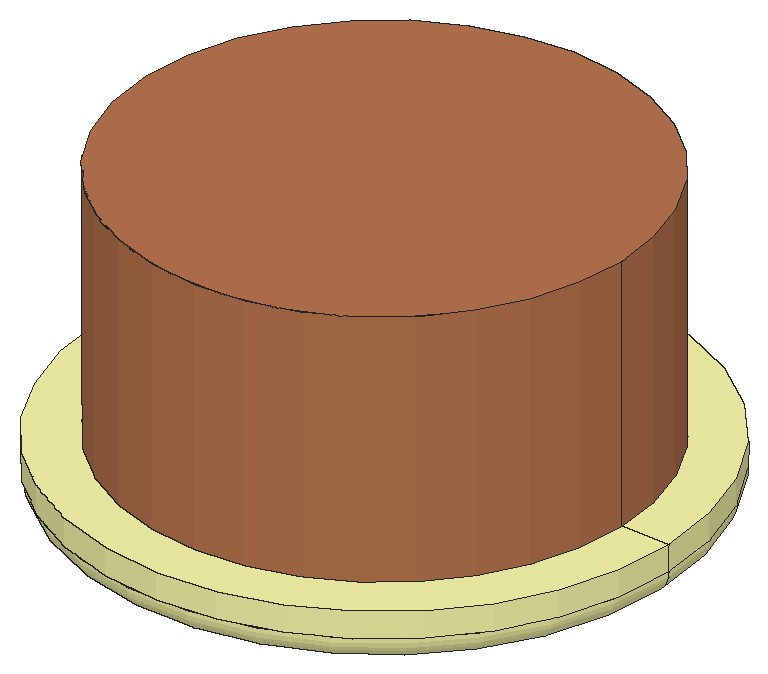
Revit family "EPA_Recessed Ceiling Mounted Voice Evacuation Speaker", category Electrical Fixtures, Revit 2013
Parameters
  Lt = Whitecroft Lighting_Polycarbonate
  Load Classification = Ltg
  Glass = Glass, Green
  Apparent Load = 35 VA
Reference planes
  plane 1 "Light Source Axis (F/B)": y = 0
  plane 2: z = 0
  plane 3 "Light Source Axis (L/R)": x = 0
  plane 4 "Light Source Elevation": z = -25
  plane 5: x = -150
  plane 6: x = -125
  plane 7: z = -13
Forms (mm)
  Revolve 1, solid, material "Face Plate"
    sketch origin (0, 0, 0) x (1, 0, 0) y (0, 0, 1)
      loop
        line (-150, 0) -> (-150, -13)
        arc (-150, -13) -> (-137.5, -25.5) -> (-125, -13) r 12.5
        line (-125, -13) -> (-125, 0) -> (-150, 0)
      axis (0, 0) -> (0, -13)
    angle from 0 to 360
  Extrusion 2, solid, material "Light Body"
    sketch origin (0, 0, -25) x (0, -1, 0) y (1, 0, 0)
      loop
        circle (0, 0) r 125
    from 0 to 150
  Extrusion 3, void
    sketch origin (0, 0, -25) x (0, -1, 0) y (1, 0, 0)
      loop
        circle (0, 0) r 5
    from 0 to 10
  Extrusion 4, void
    sketch origin (20, 0, -25) x (0, -1, 0) y (1, 0, 0)
      loop
        circle (0, 0) r 5
    from 0 to 10
  Extrusion 5, void
    sketch origin (40, 0, -25) x (0, -1, 0) y (1, 0, 0)
      loop
        circle (0, 0) r 5
    from 0 to 10
  Extrusion 6, void
    sketch origin (60, 0, -25) x (0, -1, 0) y (1, 0, 0)
      loop
        circle (0, 0) r 5
    from 0 to 10
  Extrusion 7, void
    sketch origin (80, 0, -25) x (0, -1, 0) y (1, 0, 0)
      loop
        circle (0, 0) r 5
    from 0 to 10
  Extrusion 8, void
    sketch origin (100, 0, -25) x (0, -1, 0) y (1, 0, 0)
      loop
        circle (0, 0) r 5
    from 0 to 10
  Extrusion 9, void
    sketch origin (14.142, 14.142, -25) x (0.707107, -0.707107, 0) y (0.707107, 0.707107, 0)
      loop
        circle (0, 0) r 5
    from 0 to 10
  Extrusion 10, void
    sketch origin (28.284, 28.284, -25) x (0.707107, -0.707107, 0) y (0.707107, 0.707107, 0)
      loop
        circle (0, 0) r 5
    from 0 to 10
  Extrusion 11, void
    sketch origin (42.426, 42.426, -25) x (0.707107, -0.707107, 0) y (0.707107, 0.707107, 0)
      loop
        circle (0, 0) r 5
    from 0 to 10
  Extrusion 12, void
    sketch origin (56.569, 56.569, -25) x (0.707107, -0.707107, 0) y (0.707107, 0.707107, 0)
      loop
        circle (0, 0) r 5
    from 0 to 10
  Extrusion 13, void
    sketch origin (70.711, 70.711, -25) x (0.707107, -0.707107, 0) y (0.707107, 0.707107, 0)
      loop
        circle (0, 0) r 5
    from 0 to 10
  Extrusion 14, void
    sketch origin (0, 20, -25) x (1, 0, 0) y (0, 1, 0)
      loop
        circle (0, 0) r 5
    from 0 to 10
  Extrusion 15, void
    sketch origin (0, 40, -25) x (1, 0, 0) y (0, 1, 0)
      loop
        circle (0, 0) r 5
    from 0 to 10
  Extrusion 16, void
    sketch origin (0, 60, -25) x (1, 0, 0) y (0, 1, 0)
      loop
        circle (0, 0) r 5
    from 0 to 10
  Extrusion 17, void
    sketch origin (0, 80, -25) x (1, 0, 0) y (0, 1, 0)
      loop
        circle (0, 0) r 5
    from 0 to 10
  Extrusion 18, void
    sketch origin (0, 100, -25) x (1, 0, 0) y (0, 1, 0)
      loop
        circle (0, 0) r 5
    from 0 to 10
  Extrusion 19, void
    sketch origin (-14.142, 14.142, -25) x (0.707107, 0.707107, 0) y (-0.707107, 0.707107, 0)
      loop
        circle (0, 0) r 5
    from 0 to 10
  Extrusion 20, void
    sketch origin (-28.284, 28.284, -25) x (0.707107, 0.707107, 0) y (-0.707107, 0.707107, 0)
      loop
        circle (0, 0) r 5
    from 0 to 10
  Extrusion 21, void
    sketch origin (-42.426, 42.426, -25) x (0.707107, 0.707107, 0) y (-0.707107, 0.707107, 0)
      loop
        circle (0, 0) r 5
    from 0 to 10
  Extrusion 22, void
    sketch origin (-56.569, 56.569, -25) x (0.707107, 0.707107, 0) y (-0.707107, 0.707107, 0)
      loop
        circle (0, 0) r 5
    from 0 to 10
  Extrusion 23, void
    sketch origin (-70.711, 70.711, -25) x (0.707107, 0.707107, 0) y (-0.707107, 0.707107, 0)
      loop
        circle (0, 0) r 5
    from 0 to 10
  Extrusion 24, void
    sketch origin (-20, 0, -25) x (0, 1, 0) y (-1, 0, 0)
      loop
        circle (0, 0) r 5
    from 0 to 10
  Extrusion 25, void
    sketch origin (-40, 0, -25) x (0, 1, 0) y (-1, 0, 0)
      loop
        circle (0, 0) r 5
    from 0 to 10
  Extrusion 26, void
    sketch origin (-60, 0, -25) x (0, 1, 0) y (-1, 0, 0)
      loop
        circle (0, 0) r 5
    from 0 to 10
  Extrusion 27, void
    sketch origin (-80, 0, -25) x (0, 1, 0) y (-1, 0, 0)
      loop
        circle (0, 0) r 5
    from 0 to 10
  Extrusion 28, void
    sketch origin (-100, 0, -25) x (0, 1, 0) y (-1, 0, 0)
      loop
        circle (0, 0) r 5
    from 0 to 10
  Extrusion 29, void
    sketch origin (-14.142, -14.142, -25) x (-0.707107, 0.707107, 0) y (-0.707107, -0.707107, 0)
      loop
        circle (0, 0) r 5
    from 0 to 10
  Extrusion 30, void
    sketch origin (-28.284, -28.284, -25) x (-0.707107, 0.707107, 0) y (-0.707107, -0.707107, 0)
      loop
        circle (0, 0) r 5
    from 0 to 10
  Extrusion 31, void
    sketch origin (-42.426, -42.426, -25) x (-0.707107, 0.707107, 0) y (-0.707107, -0.707107, 0)
      loop
        circle (0, 0) r 5
    from 0 to 10
  Extrusion 32, void
    sketch origin (-56.569, -56.569, -25) x (-0.707107, 0.707107, 0) y (-0.707107, -0.707107, 0)
      loop
        circle (0, 0) r 5
    from 0 to 10
  Extrusion 33, void
    sketch origin (-70.711, -70.711, -25) x (-0.707107, 0.707107, 0) y (-0.707107, -0.707107, 0)
      loop
        circle (0, 0) r 5
    from 0 to 10
  Extrusion 34, void
    sketch origin (0, -20, -25) x (-1, 0, 0) y (0, -1, 0)
      loop
        circle (0, 0) r 5
    from 0 to 10
  Extrusion 35, void
    sketch origin (0, -40, -25) x (-1, 0, 0) y (0, -1, 0)
      loop
        circle (0, 0) r 5
    from 0 to 10
  Extrusion 36, void
    sketch origin (0, -60, -25) x (-1, 0, 0) y (0, -1, 0)
      loop
        circle (0, 0) r 5
    from 0 to 10
  Extrusion 37, void
    sketch origin (0, -80, -25) x (-1, 0, 0) y (0, -1, 0)
      loop
        circle (0, 0) r 5
    from 0 to 10
  Extrusion 38, void
    sketch origin (0, -100, -25) x (-1, 0, 0) y (0, -1, 0)
      loop
        circle (0, 0) r 5
    from 0 to 10
  Extrusion 39, void
    sketch origin (14.142, -14.142, -25) x (-0.707107, -0.707107, 0) y (0.707107, -0.707107, 0)
      loop
        circle (0, 0) r 5
    from 0 to 10
  Extrusion 40, void
    sketch origin (28.284, -28.284, -25) x (-0.707107, -0.707107, 0) y (0.707107, -0.707107, 0)
      loop
        circle (0, 0) r 5
    from 0 to 10
  Extrusion 41, void
    sketch origin (42.426, -42.426, -25) x (-0.707107, -0.707107, 0) y (0.707107, -0.707107, 0)
      loop
        circle (0, 0) r 5
    from 0 to 10
  Extrusion 42, void
    sketch origin (56.569, -56.569, -25) x (-0.707107, -0.707107, 0) y (0.707107, -0.707107, 0)
      loop
        circle (0, 0) r 5
    from 0 to 10
  Extrusion 43, void
    sketch origin (70.711, -70.711, -25) x (-0.707107, -0.707107, 0) y (0.707107, -0.707107, 0)
      loop
        circle (0, 0) r 5
    from 0 to 10
  Extrusion 44, void
    sketch origin (37.007, 14.959, -25) x (0.707107, -0.707107, 0) y (0.707107, 0.707107, 0)
      loop
        circle (0, 0) r 5
    from 0 to 10
  Extrusion 45, void
    sketch origin (55.292, 22.533, -25) x (0.707107, -0.707107, 0) y (0.707107, 0.707107, 0)
      loop
        circle (0, 0) r 5
    from 0 to 10
  Extrusion 46, void
    sketch origin (73.818, 30.206, -25) x (0.707107, -0.707107, 0) y (0.707107, 0.707107, 0)
      loop
        circle (0, 0) r 5
    from 0 to 10
  Extrusion 47, void
    sketch origin (92.44, 37.92, -25) x (0.707107, -0.707107, 0) y (0.707107, 0.707107, 0)
      loop
        circle (0, 0) r 5
    from 0 to 10
  Extrusion 48, void
    sketch origin (36.745, -15.59, -25) x (0, -1, 0) y (1, 0, 0)
      loop
        circle (0, 0) r 5
    from 0 to 10
  Extrusion 49, void
    sketch origin (55.03, -23.164, -25) x (0, -1, 0) y (1, 0, 0)
      loop
        circle (0, 0) r 5
    from 0 to 10
  Extrusion 50, void
    sketch origin (73.556, -30.838, -25) x (0, -1, 0) y (1, 0, 0)
      loop
        circle (0, 0) r 5
    from 0 to 10
  Extrusion 51, void
    sketch origin (92.178, -38.551, -25) x (0, -1, 0) y (1, 0, 0)
      loop
        circle (0, 0) r 5
    from 0 to 10
  Extrusion 52, void
    sketch origin (15.59, 36.745, -25) x (1, 0, 0) y (0, 1, 0)
      loop
        circle (0, 0) r 5
    from 0 to 10
  Extrusion 53, void
    sketch origin (23.164, 55.03, -25) x (1, 0, 0) y (0, 1, 0)
      loop
        circle (0, 0) r 5
    from 0 to 10
  Extrusion 54, void
    sketch origin (30.838, 73.556, -25) x (1, 0, 0) y (0, 1, 0)
      loop
        circle (0, 0) r 5
    from 0 to 10
  Extrusion 55, void
    sketch origin (38.551, 92.178, -25) x (1, 0, 0) y (0, 1, 0)
      loop
        circle (0, 0) r 5
    from 0 to 10
  Extrusion 56, void
    sketch origin (-14.959, 37.007, -25) x (0.707107, 0.707107, 0) y (-0.707107, 0.707107, 0)
      loop
        circle (0, 0) r 5
    from 0 to 10
  Extrusion 57, void
    sketch origin (-22.533, 55.292, -25) x (0.707107, 0.707107, 0) y (-0.707107, 0.707107, 0)
      loop
        circle (0, 0) r 5
    from 0 to 10
  Extrusion 58, void
    sketch origin (-30.206, 73.818, -25) x (0.707107, 0.707107, 0) y (-0.707107, 0.707107, 0)
      loop
        circle (0, 0) r 5
    from 0 to 10
  Extrusion 59, void
    sketch origin (-37.92, 92.44, -25) x (0.707107, 0.707107, 0) y (-0.707107, 0.707107, 0)
      loop
        circle (0, 0) r 5
    from 0 to 10
  Extrusion 60, void
    sketch origin (-36.745, 15.59, -25) x (0, 1, 0) y (-1, 0, 0)
      loop
        circle (0, 0) r 5
    from 0 to 10
  Extrusion 61, void
    sketch origin (-55.03, 23.164, -25) x (0, 1, 0) y (-1, 0, 0)
      loop
        circle (0, 0) r 5
    from 0 to 10
  Extrusion 62, void
    sketch origin (-73.556, 30.838, -25) x (0, 1, 0) y (-1, 0, 0)
      loop
        circle (0, 0) r 5
    from 0 to 10
  Extrusion 63, void
    sketch origin (-92.178, 38.551, -25) x (0, 1, 0) y (-1, 0, 0)
      loop
        circle (0, 0) r 5
    from 0 to 10
  Extrusion 64, void
    sketch origin (-37.007, -14.959, -25) x (-0.707107, 0.707107, 0) y (-0.707107, -0.707107, 0)
      loop
        circle (0, 0) r 5
    from 0 to 10
  Extrusion 65, void
    sketch origin (-55.292, -22.533, -25) x (-0.707107, 0.707107, 0) y (-0.707107, -0.707107, 0)
      loop
        circle (0, 0) r 5
    from 0 to 10
  Extrusion 66, void
    sketch origin (-73.818, -30.206, -25) x (-0.707107, 0.707107, 0) y (-0.707107, -0.707107, 0)
      loop
        circle (0, 0) r 5
    from 0 to 10
  Extrusion 67, void
    sketch origin (-92.44, -37.92, -25) x (-0.707107, 0.707107, 0) y (-0.707107, -0.707107, 0)
      loop
        circle (0, 0) r 5
    from 0 to 10
  Extrusion 68, void
    sketch origin (-15.59, -36.745, -25) x (-1, 0, 0) y (0, -1, 0)
      loop
        circle (0, 0) r 5
    from 0 to 10
  Extrusion 69, void
    sketch origin (-23.164, -55.03, -25) x (-1, 0, 0) y (0, -1, 0)
      loop
        circle (0, 0) r 5
    from 0 to 10
  Extrusion 70, void
    sketch origin (-30.838, -73.556, -25) x (-1, 0, 0) y (0, -1, 0)
      loop
        circle (0, 0) r 5
    from 0 to 10
  Extrusion 71, void
    sketch origin (-38.551, -92.178, -25) x (-1, 0, 0) y (0, -1, 0)
      loop
        circle (0, 0) r 5
    from 0 to 10
  Extrusion 72, void
    sketch origin (14.959, -37.007, -25) x (-0.707107, -0.707107, 0) y (0.707107, -0.707107, 0)
      loop
        circle (0, 0) r 5
    from 0 to 10
  Extrusion 73, void
    sketch origin (22.533, -55.292, -25) x (-0.707107, -0.707107, 0) y (0.707107, -0.707107, 0)
      loop
        circle (0, 0) r 5
    from 0 to 10
  Extrusion 74, void
    sketch origin (30.206, -73.818, -25) x (-0.707107, -0.707107, 0) y (0.707107, -0.707107, 0)
      loop
        circle (0, 0) r 5
    from 0 to 10
  Extrusion 75, void
    sketch origin (37.92, -92.44, -25) x (-0.707107, -0.707107, 0) y (0.707107, -0.707107, 0)
      loop
        circle (0, 0) r 5
    from 0 to 10
Cuts and joins
  Extrusion 3, Extrusion 4, Extrusion 5, Extrusion 6, Extrusion 7, Extrusion 8, Extrusion 9, Extrusion 10, Extrusion 11, Extrusion 12, Extrusion 13, Extrusion 14, Extrusion 15, Extrusion 16, Extrusion 17, Extrusion 18, Extrusion 19, Extrusion 20, Extrusion 21, Extrusion 22, Extrusion 23, Extrusion 24, Extrusion 25, Extrusion 26, Extrusion 27, Extrusion 28, Extrusion 29, Extrusion 30, Extrusion 31, Extrusion 32, Extrusion 33, Extrusion 34, Extrusion 35, Extrusion 36, Extrusion 37, Extrusion 38, Extrusion 39, Extrusion 40, Extrusion 41, Extrusion 42, Extrusion 43, Extrusion 44, Extrusion 45, Extrusion 46, Extrusion 47, Extrusion 48, Extrusion 49, Extrusion 50, Extrusion 51, Extrusion 52, Extrusion 53, Extrusion 54, Extrusion 55, Extrusion 56, Extrusion 57, Extrusion 58, Extrusion 59, Extrusion 60, Extrusion 61, Extrusion 62, Extrusion 63, Extrusion 64, Extrusion 65, Extrusion 66, Extrusion 67, Extrusion 68, Extrusion 69, Extrusion 70, Extrusion 71, Extrusion 72, Extrusion 73, Extrusion 74, Extrusion 75 cuts Extrusion 2
Dimensions and locks
  level to plane 4 "Light Source Elevation" = 25 mm
  plane 3 "Light Source Axis (L/R)" to plane 5 = 150 mm
  aligned and locked: plane 2 to level
Nested families
  nested 1: "EPA_SPK_VES" at (0, 0, 0), type "EPA_SPK_VES"
Definition of nested family "EPA_SPK_VES"
  Reference planes
    plane 1: y = 0
    plane 2: x = 0
  Lines and regions (mm)
    detail lines, style "PA Symbols"
      curve 1: circle (0, 0, 0) r 1.75 normal (0, 0, 1)
      curve 2: line (-1.75, -1.75, 0) -> (1.75, -1.75, 0)
      curve 3: line (-1.75, 1.75, 0) -> (-1.75, -1.75, 0)
      curve 4: line (1.75, 1.75, 0) -> (-1.75, 1.75, 0)
      curve 5: line (1.75, -1.75, 0) -> (1.75, 1.75, 0)
  Text (mm)
    text "SP" at (0.076, 1.443, 0)
